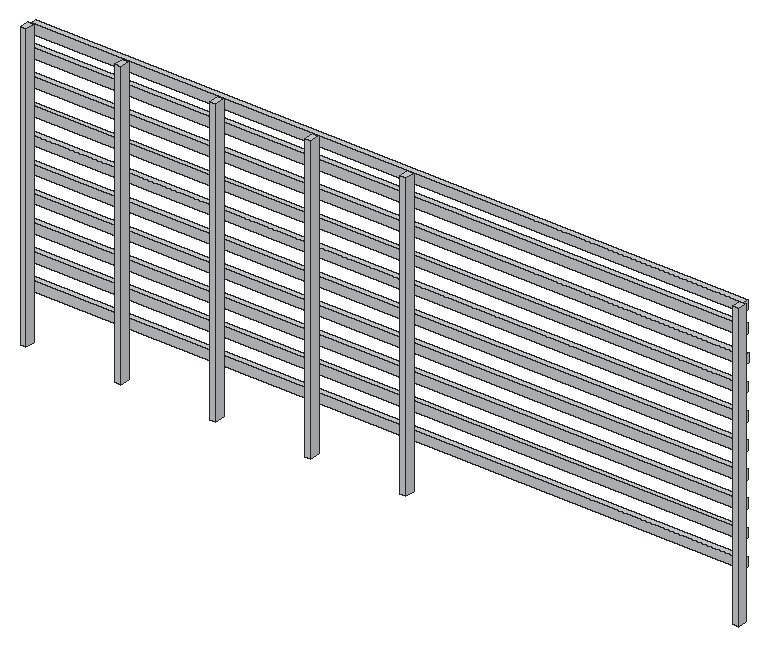
Revit family "AVLN_Ограждение лоджий", category Обобщенные модели, Revit 2019
Family settings
  Может служить основой для арматурных стержней = Нет
  Размер круглого соединителя = Использовать диаметр
  Тип детали = Нормальный
  На основе рабочей плоскости = Нет
  Всегда вертикально = Да
  При загрузке вырезать с полостями = Нет
  Общий = Нет
  Точка расчета площади = Нет
Parameters
  Шаг_стоек 9 = 400 mm
  Шаг_стоек 8 = 400 mm
  Шаг_стоек 7 = 400 mm
  Шаг_стоек 6 = 400 mm
  Шаг_стоек 5 = 400 mm
  Шаг_стоек 4 = 400 mm
  Шаг_стоек 3 = 400 mm
  Шаг_стоек 2 = 400 mm
  Шаг_стоек 10 = 400 mm
  Шаг_стоек 1 = 400 mm
  Шаг направляющих = 110 mm
  Тип направляющих стоек = направляющие : Прокат_квадрат_25х40
  Тип направляющих = направляющие : Прокат_квадрат_25х40
  Смещение направляющих = 110 mm
  Количество стоек = 4
  Количество напрвляющих = 9
  Длина = 3000 mm
  Группа модели = "Ограждения лоджий"
  Горизнтальное смещение = 35 mm
  Высота = 1200 mm
  ADSK_Примечание [instance] = ""
  ADSK_Позиция [instance] = ""
  ADSK_Обозначение = ""
  ADSK_Наименование = ""
  ADSK_Масса [instance] = 0
  ADSK_Марка [instance] = ""
  ADSK_Количество = 1
  ADSK_Группирование = ""
  9 = Количество стоек > 8  # no
  8 = Количество стоек > 7  # no
  7 = Количество стоек > 6  # no
  6 = Количество стоек > 5  # no
  5 = Количество стоек > 4  # no
  4 = Количество стоек > 3  # yes
  3 = Количество стоек > 2  # yes
  2 = Количество стоек > 1  # yes
  10 = Количество стоек > 9  # no
  1 = Количество стоек > 0.8  # yes
Reference planes
  plane 1 "По центру (Вперед/Назад)": y = 0
  plane 2: z = 0
  plane 3 "По центру (Влево/Вправо)": x = 0
  plane 4: x = -1500
  plane 5: x = 1500
  plane 6: x = -1100
  plane 7: x = -700
  plane 8: x = -300
  plane 9: x = 100
  plane 10: x = 500
  plane 11: x = 900
  plane 12: x = 1300
  plane 13: x = 1700
  plane 14: x = 2100
  plane 15: x = 2500
  plane 16: z = 1200
  plane 17: z = 1090
  plane 18: y = 35
Lines and regions (mm)
  reference lines
    curve 1: line (1839.148, 0, 980) -> (-1704.223, 0, 980)
Dimensions and locks
  equal spacing: plane 4, plane 3 "По центру (Влево/Вправо)", plane 5
  "Длина": plane 4 to plane 5
  "Шаг_стоек 1": plane 4 to plane 6
  "Шаг_стоек 2": plane 6 to plane 7
  "Шаг_стоек 3": plane 7 to plane 8
  "Шаг_стоек 4": plane 8 to plane 9
  "Шаг_стоек 5": plane 9 to plane 10
  "Шаг_стоек 6": plane 10 to plane 11
  "Шаг_стоек 7": plane 11 to plane 12
  "Шаг_стоек 8": plane 12 to plane 13
  "Шаг_стоек 9": plane 13 to plane 14
  "Шаг_стоек 10": plane 14 to plane 15
  "Высота": plane 2 to plane 16
  "Шаг направляющих": curve 1 to plane 17
  "Смещение направляющих": plane 17 to plane 16
  "Горизнтальное смещение": plane 18 to plane 1 "По центру (Вперед/Назад)"
  equal spacing: group 1, group 2, group 3, group 4, group 5, group 6, group 7, group 8, group 9  (x2)
  equal spacing: group 9, group 8, group 7, group 6, group 5, group 4, group 3, group 2, group 1
  plane 10 to plane 4 = 2000 mm
  aligned and locked: level to plane 2
  aligned and locked: plane 4 to nested 1
  aligned and locked: nested 1 to plane 5
  aligned and locked: nested 2 to plane 4
  aligned and locked: nested 2 to plane 16
  aligned and locked: plane 2 to nested 2
  aligned and locked: nested 3 to plane 5
  aligned and locked: nested 3 to level
  aligned and locked: nested 3 to plane 16
  aligned and locked: nested 4 to plane 16
  aligned and locked: level to nested 4
  aligned and locked: nested 4 to plane 6
  aligned and locked: nested 5 to plane 7
  aligned and locked: level to nested 5
  aligned and locked: nested 5 to plane 16
  aligned and locked: nested 6 to plane 8
  aligned and locked: level to nested 6
  aligned and locked: nested 6 to plane 16
  aligned and locked: nested 7 to plane 9
  aligned and locked: nested 7 to plane 16
  aligned and locked: level to nested 7
  aligned and locked: nested 8 to plane 10
  aligned and locked: nested 8 to plane 16
  aligned and locked: level to nested 8
  aligned and locked: nested 9 to plane 11
  aligned and locked: nested 9 to plane 16
  aligned and locked: level to nested 9
  aligned and locked: nested 10 to plane 12
  aligned and locked: nested 10 to level
  aligned and locked: nested 10 to plane 16
  aligned and locked: nested 11 to level
  aligned and locked: nested 11 to plane 13
  aligned and locked: nested 11 to plane 16
  aligned and locked: nested 12 to level
  aligned and locked: nested 12 to plane 14
  aligned and locked: nested 12 to plane 16
  aligned and locked: nested 13 to level
  aligned and locked: nested 13 to plane 15
  aligned and locked: nested 13 to plane 16
  aligned and locked: nested 2 to plane 1 "По центру (Вперед/Назад)"
  aligned and locked: nested 4 to plane 1 "По центру (Вперед/Назад)"
  aligned and locked: nested 5 to plane 1 "По центру (Вперед/Назад)"
  aligned and locked: nested 6 to plane 1 "По центру (Вперед/Назад)"
  aligned and locked: nested 7 to plane 1 "По центру (Вперед/Назад)"
  aligned and locked: nested 8 to plane 1 "По центру (Вперед/Назад)"
  aligned and locked: nested 9 to plane 1 "По центру (Вперед/Назад)"
  aligned and locked: nested 10 to plane 1 "По центру (Вперед/Назад)"
  aligned and locked: nested 3 to plane 1 "По центру (Вперед/Назад)"
  aligned and locked: nested 11 to plane 1 "По центру (Вперед/Назад)"
  aligned and locked: nested 12 to plane 1 "По центру (Вперед/Назад)"
  aligned and locked: nested 13 to plane 1 "По центру (Вперед/Назад)"
  aligned and locked: nested 1 to plane 18
  aligned and locked: plane 17 to nested 14
  aligned and locked: nested 14 to plane 18
  aligned and locked: nested 15 to curve 1
  aligned and locked: plane 18 to nested 14
  aligned and locked: plane 4 to nested 14
  aligned and locked: plane 16 to nested 1
  aligned and locked: plane 4 to nested 15
Automatic sketch dimensions
  curve 1 to plane 4 = 204.223 mm
  plane 13 to curve 1 = 139.148 mm
Nested families
  nested 1: "направляющие" at (-1500, 35, 1200), type <- "Тип направляющих", Длина <- "Длина", ADSK_Позиция <- "ADSK_Позиция", type "Прокат_квадрат_25х40"
    with Расчет "", Марка ограждения "", Длина 3000 mm, ADSK_Размер_Длина 3000 mm, ADSK_Позиция "", ADSK_Номер секции "", ADSK_Масса 15, ADSK_Марка ""
  nested 2: "направляющие" at (-1500, -20, 1200) x (0, 0, -1) z (0, -1, 0), type <- "Тип направляющих стоек", ADSK_Позиция <- "ADSK_Позиция", type "Прокат_квадрат_25х40"
    with Расчет "", Марка ограждения "", Длина 1200 mm, ADSK_Размер_Длина 1200 mm, ADSK_Позиция "", ADSK_Номер секции "", ADSK_Масса 6, ADSK_Марка ""
  nested 3: "направляющие" at (1500, -20, 1200) x (0, 0, -1) z (0, -1, 0), ADSK_Позиция <- "ADSK_Позиция", type "Прокат_квадрат_25х40"
    with Расчет "", Марка ограждения "", Длина 1200 mm, ADSK_Размер_Длина 1200 mm, ADSK_Позиция "", ADSK_Номер секции "", ADSK_Масса 6, ADSK_Марка ""
  nested 4: "направляющие" at (-1100, -20, 1200) x (0, 0, -1) z (0, -1, 0), visible <- "1", type <- "Тип направляющих стоек", ADSK_Позиция <- "ADSK_Позиция", type "Прокат_квадрат_25х40"
    with Расчет "", Марка ограждения "", Длина 1200 mm, ADSK_Размер_Длина 1200 mm, ADSK_Позиция "", ADSK_Номер секции "", ADSK_Масса 6, ADSK_Марка ""
  nested 5: "направляющие" at (-700, -20, 1200) x (0, 0, -1) z (0, -1, 0), visible <- "2", type <- "Тип направляющих стоек", ADSK_Позиция <- "ADSK_Позиция", type "Прокат_квадрат_25х40"
    with Расчет "", Марка ограждения "", Длина 1200 mm, ADSK_Размер_Длина 1200 mm, ADSK_Позиция "", ADSK_Номер секции "", ADSK_Масса 6, ADSK_Марка ""
  nested 6: "направляющие" at (-300, -20, 1200) x (0, 0, -1) z (0, -1, 0), visible <- "3", type <- "Тип направляющих стоек", ADSK_Позиция <- "ADSK_Позиция", type "Прокат_квадрат_25х40"
    with Расчет "", Марка ограждения "", Длина 1200 mm, ADSK_Размер_Длина 1200 mm, ADSK_Позиция "", ADSK_Номер секции "", ADSK_Масса 6, ADSK_Марка ""
  nested 7: "направляющие" at (100, -20, 1200) x (0, 0, -1) z (0, -1, 0), visible <- "4", type <- "Тип направляющих стоек", ADSK_Позиция <- "ADSK_Позиция", type "Прокат_квадрат_25х40"
    with Расчет "", Марка ограждения "", Длина 1200 mm, ADSK_Размер_Длина 1200 mm, ADSK_Позиция "", ADSK_Номер секции "", ADSK_Масса 6, ADSK_Марка ""
  nested 8: "направляющие" at (500, -20, 1200) x (0, 0, -1) z (0, -1, 0), visible <- "5", type <- "Тип направляющих стоек", ADSK_Позиция <- "ADSK_Позиция", type "Прокат_квадрат_25х40"
    with Расчет "", Марка ограждения "", Длина 1200 mm, ADSK_Размер_Длина 1200 mm, ADSK_Позиция "", ADSK_Номер секции "", ADSK_Масса 6, ADSK_Марка ""
  nested 9: "направляющие" at (900, -20, 1200) x (0, 0, -1) z (0, -1, 0), visible <- "6", type <- "Тип направляющих стоек", ADSK_Позиция <- "ADSK_Позиция", type "Прокат_квадрат_25х40"
    with Расчет "", Марка ограждения "", Длина 1200 mm, ADSK_Размер_Длина 1200 mm, ADSK_Позиция "", ADSK_Номер секции "", ADSK_Масса 6, ADSK_Марка ""
  nested 10: "направляющие" at (1300, -20, 1200) x (0, 0, -1) z (0, -1, 0), visible <- "7", type <- "Тип направляющих стоек", ADSK_Позиция <- "ADSK_Позиция", type "Прокат_квадрат_25х40"
    with Расчет "", Марка ограждения "", Длина 1200 mm, ADSK_Размер_Длина 1200 mm, ADSK_Позиция "", ADSK_Номер секции "", ADSK_Масса 6, ADSK_Марка ""
  nested 11: "направляющие" at (1700, -20, 1200) x (0, 0, -1) z (0, -1, 0), visible <- "8", type <- "Тип направляющих стоек", ADSK_Позиция <- "ADSK_Позиция", type "Прокат_квадрат_25х40"
    with Расчет "", Марка ограждения "", Длина 1200 mm, ADSK_Размер_Длина 1200 mm, ADSK_Позиция "", ADSK_Номер секции "", ADSK_Масса 6, ADSK_Марка ""
  nested 12: "направляющие" at (2100, -20, 1200) x (0, 0, -1) z (0, -1, 0), visible <- "9", type <- "Тип направляющих стоек", ADSK_Позиция <- "ADSK_Позиция", type "Прокат_квадрат_25х40"
    with Расчет "", Марка ограждения "", Длина 1200 mm, ADSK_Размер_Длина 1200 mm, ADSK_Позиция "", ADSK_Номер секции "", ADSK_Масса 6, ADSK_Марка ""
  nested 13: "направляющие" at (2500, -20, 1200) x (0, 0, -1) z (0, -1, 0), visible <- "10", type <- "Тип направляющих стоек", ADSK_Позиция <- "ADSK_Позиция", type "Прокат_квадрат_25х40"
    with Расчет "", Марка ограждения "", Длина 1200 mm, ADSK_Размер_Длина 1200 mm, ADSK_Позиция "", ADSK_Номер секции "", ADSK_Масса 6, ADSK_Марка ""
  nested 14: "направляющие" at (-1500, 35, 1110), Длина <- "Длина", type <- "Тип направляющих", type "Прокат_квадрат_25х40"
    with Расчет "", Марка ограждения "", Длина 3000 mm, ADSK_Размер_Длина 3000 mm, ADSK_Позиция "", ADSK_Номер секции "", ADSK_Масса 15, ADSK_Марка ""
  nested 15: "направляющие" at (-1500, 35, 1000), Длина <- "Длина", type <- "Тип направляющих", type "Прокат_квадрат_25х40"
    with Расчет "", Марка ограждения "", Длина 3000 mm, ADSK_Размер_Длина 3000 mm, ADSK_Позиция "", ADSK_Номер секции "", ADSK_Масса 15, ADSK_Марка ""
  nested 16: "направляющие" at (-1500, 35, 890), Длина <- "Длина", type <- "Тип направляющих", type "Прокат_квадрат_25х40"
    with Расчет "", Марка ограждения "", Длина 3000 mm, ADSK_Размер_Длина 3000 mm, ADSK_Позиция "", ADSK_Номер секции "", ADSK_Масса 15, ADSK_Марка ""
  nested 17: "направляющие" at (-1500, 35, 780), Длина <- "Длина", type <- "Тип направляющих", type "Прокат_квадрат_25х40"
    with Расчет "", Марка ограждения "", Длина 3000 mm, ADSK_Размер_Длина 3000 mm, ADSK_Позиция "", ADSK_Номер секции "", ADSK_Масса 15, ADSK_Марка ""
  nested 18: "направляющие" at (-1500, 35, 670), Длина <- "Длина", type <- "Тип направляющих", type "Прокат_квадрат_25х40"
    with Расчет "", Марка ограждения "", Длина 3000 mm, ADSK_Размер_Длина 3000 mm, ADSK_Позиция "", ADSK_Номер секции "", ADSK_Масса 15, ADSK_Марка ""
  nested 19: "направляющие" at (-1500, 35, 560), Длина <- "Длина", type <- "Тип направляющих", type "Прокат_квадрат_25х40"
    with Расчет "", Марка ограждения "", Длина 3000 mm, ADSK_Размер_Длина 3000 mm, ADSK_Позиция "", ADSK_Номер секции "", ADSK_Масса 15, ADSK_Марка ""
  nested 20: "направляющие" at (-1500, 35, 450), Длина <- "Длина", type <- "Тип направляющих", type "Прокат_квадрат_25х40"
    with Расчет "", Марка ограждения "", Длина 3000 mm, ADSK_Размер_Длина 3000 mm, ADSK_Позиция "", ADSK_Номер секции "", ADSK_Масса 15, ADSK_Марка ""
  nested 21: "направляющие" at (-1500, 35, 340), Длина <- "Длина", type <- "Тип направляющих", type "Прокат_квадрат_25х40"
    with Расчет "", Марка ограждения "", Длина 3000 mm, ADSK_Размер_Длина 3000 mm, ADSK_Позиция "", ADSK_Номер секции "", ADSK_Масса 15, ADSK_Марка ""
  nested 22: "направляющие" at (-1500, 35, 230), Длина <- "Длина", type <- "Тип направляющих", type "Прокат_квадрат_25х40"
    with Расчет "", Марка ограждения "", Длина 3000 mm, ADSK_Размер_Длина 3000 mm, ADSK_Позиция "", ADSK_Номер секции "", ADSK_Масса 15, ADSK_Марка ""
Definition of nested family "направляющие"
  Parameters (values of type "Прокат_полоса_40х4")
    Ширина = 4 mm
    Число = 0 mm
    Труба_круг = no
    Труба_квадрат = yes
    Толщина стенки трубы = 1 mm
    Расчет [instance] = ""
    Прокат_круг = no
    Прокат_квадрат = no
    Позиция для ограждения = 0
    Default Elevation = 1219.2 mm
    Масса = 0.00 kg
    Марка ограждения [instance] = ""
    Model = "Элемент ограждения лоджий"
    Высота/Диаметр = 40 mm
    Description = ""
    Длина [instance] = 1150 mm
    ADSK_Размер_Длина [instance] = Длина  # 1150 mm
    ADSK_Позиция [instance] = ""
    ADSK_Обозначение = "С235 ГОСТ27772-2015"
    ADSK_Номер секции [instance] = ""
    ADSK_Наименование = "Полоса 4х25 ГОСТ 103-2006"
    ADSK_Масса погонного метра = 5  # constant formula
    ADSK_Масса [instance] = ADSK_Масса погонного метра * ADSK_Размер_Длина / 1000 mm  # 5.75
    ADSK_Марка [instance] = ""
  Types (7, lengths in mm): name | Ширина | Труба_круг | Труба_квадрат | Толщина стенки трубы | Прокат_круг | Прокат_квадрат | Model | Высота/Диаметр | Description | ADSK_Наименование
    Труба_квадрат_40х100 | 40 | no | yes | 2.5 | no | no | "Элемент ограждения" | 100 | "ОГ" | "Полоса 4х25 ГОСТ 103-2006"
    Труба_круг_50х2.5 | 15 | yes | no | 2.5 | no | no | "Элемент ограждения" | 50 | "ОГ" | "Полоса 4х25 ГОСТ 103-2006"
    Прокат_круг_20х2,5 | 15 | no | no | 2.5 | yes | no | "Элемент ограждения" | 20 | "ОГ" | "Полоса 4х25 ГОСТ 103-2006"
    Прокат_квадрат_20х20 | 20 | no | no | 2.5 | no | yes | "Элемент ограждения" | 20 | "ОГ" | "Полоса 4х25 ГОСТ 103-2006"
    Прокат_полоса 25х4 | 4 | no | no | 1 | no | yes | "Элемент ограждения" | 25 | "" | "Полоса 4х25 ГОСТ 103-2006"
    Прокат_полоса_40х4 | 4 | no | yes | 1 | no | no | "Элемент ограждения лоджий" | 40 | "" | "Полоса 4х25 ГОСТ 103-2006"
    Прокат_квадрат_25х40 | 25 | no | no | 2.5 | no | yes | "Элемент ограждения" | 40 | "" | "Квардарт 25х40 ГОСТ 103-2006"
  Reference planes
    plane 1 "По центру (Вперед/Назад)": y = 0
    plane 2: z = 0
    plane 3 "По центру (Влево/Вправо)": x = 0
    plane 4: x = 1150
    plane 5: z = -40
    plane 6: z = -20
    plane 7: y = -2
    plane 8: y = 2
    plane 9: x = 575
  Forms (mm)
    Sweep 1, solid, visible <- "Труба_круг"
      path in 3D
        loop
          line (0, 0, 0) -> (1150, 0, 0)
      profile "круглый профиль_полый : Круглый профиль_полый" origin (575, 0, 0) x (0, 1, 0) y (0, 0, 1)
        loop
          circle (0, -20) r 19
        loop
          circle (0, -20) r 20
    Sweep 2, solid, visible <- "Труба_квадрат"
      path in 3D
        loop
          line (0, 0, 0) -> (1150, 0, 0)
      profile "квадратный профиль_полый : Круглый профиль_полый" origin (575, 0, 0) x (0, 1, 0) y (0, 0, 1)
        loop
          line (-1, -1) -> (-1, -39) -> (1, -39) -> (1, -1) -> (-1, -1)
        loop
          line (-2, 0) -> (-2, -40) -> (2, -40) -> (2, 0) -> (-2, 0)
    Sweep 3, solid, visible <- "Прокат_квадрат"
      path in 3D
        loop
          line (0, 0, 0) -> (1150, 0, 0)
      profile "квадратный профиль : Круглый профиль_полый" origin (575, 0, 0) x (0, 1, 0) y (0, 0, 1)
        loop
          line (-2, 0) -> (-2, -40) -> (2, -40) -> (2, 0) -> (-2, 0)
    Sweep 4, solid, visible <- "Прокат_круг"
      path in 3D
        loop
          line (0, 0, 0) -> (1150, 0, 0)
      profile "круглый профиль : Круглый профиль_полый" origin (575, 0, 0) x (0, 1, 0) y (0, 0, 1)
        loop
          circle (0, -20) r 20
  Lines and regions (mm)
    reference lines
      curve 1: line (0, 0, 0) -> (0, 0, -40)
      curve 2: line (0, 3, 0) -> (0, -3, 0)
      curve 3: line (0, 0, 0) -> (1150, 0, 0)
      curve 4: line (0, -2, -20) -> (0, 2, -20)
      curve 5: line (0, 0, -20) -> (1150, 0, -20)
      curve 6: line (0, -2, 0) -> (0, 2, 0)
      curve 7: line (0, -2, -40) -> (0, -2, 0)
      curve 8: line (0, 2, -40) -> (0, -2, -40)
      curve 9: line (0, 2, 0) -> (0, 2, -40)
      curve 10: line (0, 0, -40) -> (1150, 0, -40)
    sketch lines
      curve 11: line (0, 0, 0) -> (1150, 0, 0)
      curve 12: line (0, 0, 0) -> (1150, 0, 0)
      curve 13: line (0, 0, 0) -> (1150, 0, 0)
      curve 14: line (0, 0, 0) -> (1150, 0, 0)
  Dimensions and locks
    "Длина": plane 4 to plane 3 "По центру (Влево/Вправо)"
    "Ширина": plane 7 to plane 8
    "Высота/Диаметр": plane 2 to plane 5
    equal spacing: plane 2, plane 6, plane 5
    equal spacing: plane 7, plane 1 "По центру (Вперед/Назад)", plane 8
    equal spacing: plane 3 "По центру (Влево/Вправо)", plane 9, plane 4
    aligned and locked: level to plane 2
    aligned and locked: plane 1 "По центру (Вперед/Назад)" to curve 1
    aligned and locked: curve 2 to plane 2
    aligned and locked: plane 3 "По центру (Влево/Вправо)" to curve 3
    aligned and locked: plane 4 to curve 3
    aligned and locked: plane 1 "По центру (Вперед/Назад)" to curve 3
    aligned and locked: curve 4 to plane 6
    aligned and locked: plane 8 to curve 4
    aligned and locked: plane 7 to curve 4
    aligned and locked: plane 5 to curve 1
    aligned and locked: plane 2 to curve 1
    aligned and locked: plane 2 to curve 3  (x2)
    aligned and locked: plane 3 "По центру (Влево/Вправо)" to curve 5
    aligned and locked: plane 4 to curve 5
    aligned and locked: curve 5 to plane 6
    aligned and locked: plane 7 to curve 7
    aligned and locked: plane 5 to curve 8
    aligned and locked: curve 9 to plane 8
    aligned and locked: curve 6 to plane 2
    aligned and locked: curve 1 to curve 10
    aligned and locked: Sweep 1 to curve 10
    aligned and locked: curve 10 to plane 5
    aligned and locked: plane 1 "По центру (Вперед/Назад)" to curve 5  (x3)
    aligned and locked: plane 6 to curve 5  (x2)
    aligned and locked: plane 3 "По центру (Влево/Вправо)" to Sweep 2
    aligned and locked: Sweep 2 to plane 4
    aligned and locked: plane 3 "По центру (Влево/Вправо)" to curve 6
    aligned and locked: plane 4 to Sweep 2  (x2)
    aligned and locked: plane 3 "По центру (Влево/Вправо)" to Sweep 1
    aligned and locked: Sweep 1 to plane 4
    aligned and locked: Sweep 4 to plane 4
    aligned and locked: plane 3 "По центру (Влево/Вправо)" to Sweep 4
    aligned and locked: plane 3 "По центру (Влево/Вправо)" to Sweep 3
    aligned and locked: Sweep 3 to plane 4
  Automatic sketch dimensions
    plane 7 to curve 2 = 5 mm
    curve 2 to plane 8 = 5 mm
    plane 4 to curve 10 = 0 mm
